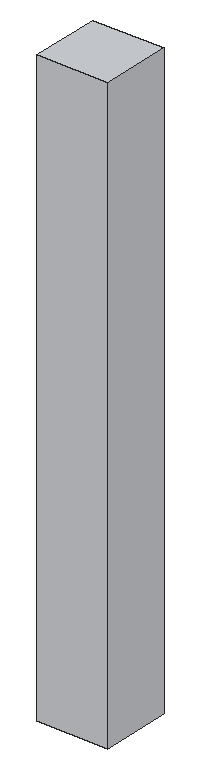
Revit family "M_Rectangular Column", category Columns, Revit 2018
Family settings
  OmniClass Number = 23.25.30.11.14.11
  OmniClass Title = Columns
  Cut with Voids When Loaded = No
  Automatically joins geometry to walls = Yes
  Shared = No
  Show family pre-cut in plan views = Yes
Parameters (values of type "457 x 475mm")
  Depth = 475 mm
  Material = none
  Offset Base = 0 mm
  Offset Top = 0 mm
  Width = 475 mm
Types (3, lengths in mm): name | Depth | Width
  475 x 610mm | 475 | 610
  610 x 610mm | 610 | 610
  457 x 475mm | 475 | 475
Reference planes
  plane 1: y = 0
  plane 2: z = 0
  plane 3: x = 0
  plane 4: z = 4000
  plane 5: z = 0
  plane 6: x = -237.5
  plane 7: x = 237.5
  plane 8: y = -237.5
  plane 9: y = 237.5
Forms (mm)
  Extrusion 1, solid, material <- "Material"
    sketch origin (0, 0, 0) x (1, 0, 0) y (0, 1, 0)
      loop
        line (-237.5, 237.5) -> (-237.5, -237.5) -> (237.5, -237.5) -> (237.5, 237.5) -> (-237.5, 237.5)
    from 0 to 4000
Dimensions and locks
  "Offset Base": plane 5 to level
  "Offset Top": level to plane 4
  equal spacing: plane 6, plane 3, plane 7
  "Width": plane 6 to plane 7
  equal spacing: plane 8, plane 1, plane 9
  "Depth": plane 8 to plane 9
  aligned and locked: plane 4 to Extrusion 1
  aligned and locked: Extrusion 1 to plane 5
Automatic sketch dimensions
  Extrusion 1 sketch curve to plane 6 = 0 mm
  Extrusion 1 sketch curve to plane 7 = 0 mm
  Extrusion 1 sketch curve to plane 8 = 0 mm
  Extrusion 1 sketch curve to plane 9 = 0 mm
